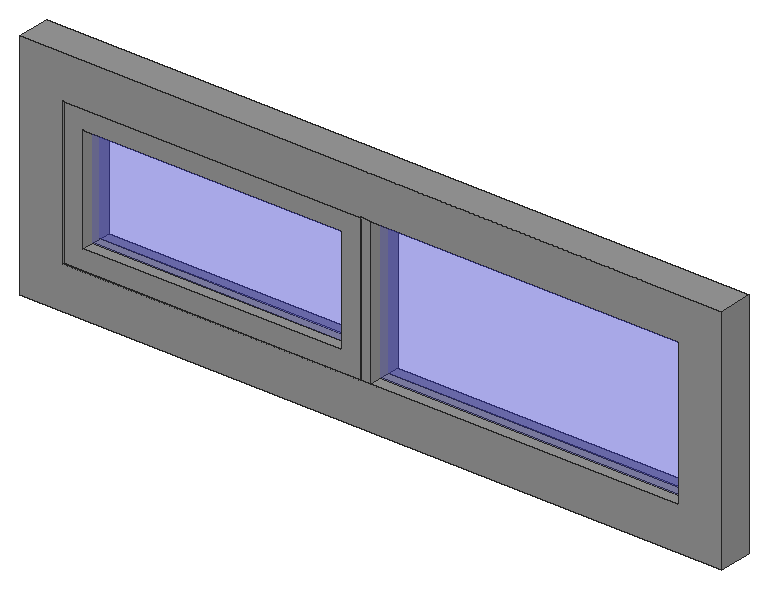
Revit family "Family59", category Windows, host Wall, Revit 2018
Family settings
  Host = Wall
  OmniClass Number = 23.30.20.00
  OmniClass Title = Windows
  Always vertical = Yes
  Cut with Voids When Loaded = No
  Shared = No
  Room Calculation Point = No
Parameters
  Window Frame = 84 mm
  Visual Light Transmittance = 0.81
  URL = "www.skywardwindows.co.za"
  Thermal Resistance (R) = 0.3196 (m²·K)/W
  Telephone = "021 276 1800"
  Solar Heat Gain Coefficient = 0.76
  Manufacturer = "Skyward Windows"
  Height = 590 mm
  Heat Transfer Coefficient (U) = 3.1292 W/(m²·K)
  Glass Thickness = 4 mm
  Glass = Glass
  Frame = White
  Email Address = "info@skywardwindows.co.za"
  Default Sill Height = 800 mm
  Wall Closure = By host
  Width = 1790 mm
  Company Address = "Charles Matthews Street Atlantis 7349"
  Analytic Construction = "Double glazing - domestic"
Reference planes
  plane 1 "Center (Front/Back)": y = 0
  plane 2 "Center (Left/Right)": x = 0
  plane 3 "Left": x = -895
  plane 4 "Right": x = 895
  plane 5 "Sill": z = 800
  plane 6 "Head": z = 1390
  plane 7 "Exterior": y = 100
  plane 8 "Interior": y = -100
Forms (mm)
  Extrusion 1, solid, material "White" <- "Frame"
    sketch origin (0, -100, 0) x (1, 0, 0) y (0, 0, 1)
      loop
        line (-895, 1390) -> (-895, 800) -> (895, 800) -> (895, 1390) -> (-895, 1390)
      loop
        line (-786, 909) -> (786, 909) -> (786, 1281) -> (-786, 1281) -> (-786, 909)
    from -142 to -58
  Extrusion 2, solid, material "White" <- "Frame"
    sketch origin (0, -100, 0) x (1, 0, 0) y (0, 0, 1)
      loop
        line (-786, 1281) -> (-786, 909) -> (-27.495, 909) -> (-27.495, 1281) -> (-786, 1281)
      loop
        line (-736, 1231) -> (-736, 959) -> (-77.495, 959) -> (-77.495, 1231) -> (-736, 1231)
    from -140 to -60
  Extrusion 3, solid, material "White" <- "Frame"
    sketch origin (0, -100, 0) x (1, 0, 0) y (0, 0, 1)
      loop
        line (-27.495, 1281) -> (-27.495, 909) -> (0, 909) -> (0, 1281) -> (-27.495, 1281)
    from -142 to -58
  Extrusion 4, solid, material "Glass" <- "Glass"
    sketch origin (0, 0, 0) x (1, 0, 0) y (0, 1, 0)
      loop
        line (-736, 14) -> (-736, 10) -> (-77.495, 10) -> (-77.495, 14) -> (-736, 14)
      loop
        line (-736, -10) -> (-736, -14) -> (-77.495, -14) -> (-77.495, -10) -> (-736, -10)
    from 959 to 1231
  Extrusion 5, solid, material "Glass" <- "Glass"
    sketch origin (0, 0, 0) x (1, 0, 0) y (0, 1, 0)
      loop
        line (0, 14) -> (0, 10) -> (786, 10) -> (786, 14) -> (0, 14)
      loop
        line (786, -10) -> (0, -10) -> (0, -14) -> (786, -14) -> (786, -10)
    from 909 to 1281
Lines and regions (mm)
  Opening 1
    outline origin (3500, -100, 0) x (1, 0, 0) y (0, 0, 1)
      loop
        line (-2605, 800) -> (-2605, 1390) -> (-4395, 1390) -> (-4395, 800) -> (-2605, 800)
Text (mm)
  text "EXTERIOR" at (-1963.203, 1332.353, 0), in view "Ref. Level"
  text "INTERIOR" at (-1981.466, -818.386, 0), in view "Ref. Level"
  text "Exterior" at (0, 923.751, 2943.296), in view "Right"
  text "Exterior" at (0, 1040.484, 2685.409), in view "Left"
Dimensions and locks
  equal spacing: plane 3 "Left", plane 2 "Center (Left/Right)", plane 4 "Right"
  "Width": plane 3 "Left" to plane 4 "Right"
  "Height": plane 5 "Sill" to plane 6 "Head"
  "Default Sill Height": plane 5 "Sill" to level
  locked: plane 7 "Exterior" to host wall at 0
  locked: plane 8 "Interior" to host wall
  "Window Frame": Extrusion 1 to Extrusion 1
  "Glass Thickness": Extrusion 4 to Extrusion 4
  "Glass Thickness": Extrusion 5 to Extrusion 5
  aligned and locked: Extrusion 1 sketch curve to host wall  (x4)
  aligned and locked: Extrusion 4 to Extrusion 2
Automatic sketch dimensions
  Opening 1 sketch curve to plane 3 "Left" = 0 mm
  Opening 1 sketch curve to plane 4 "Right" = 0 mm
  Opening 1 sketch curve to plane 5 "Sill" = 0 mm
  Opening 1 sketch curve to plane 6 "Head" = 0 mm
  Extrusion 1 sketch curve to plane 3 "Left" = 109 mm
  plane 4 "Right" to Extrusion 1 sketch curve = 109 mm
  Extrusion 1 sketch curve to plane 5 "Sill" = 109 mm
  plane 6 "Head" to Extrusion 1 sketch curve = 109 mm
  Extrusion 2 sketch curve to plane 3 "Left" = 109 mm
  Extrusion 2 sketch curve to Extrusion 2 sketch curve = 50 mm  (x3)
  plane 2 "Center (Left/Right)" to Extrusion 2 sketch curve = 77.495 mm
  plane 2 "Center (Left/Right)" to Extrusion 2 sketch curve = 27.495 mm
  Extrusion 2 sketch curve to plane 5 "Sill" = 109 mm
  plane 6 "Head" to Extrusion 2 sketch curve = 159 mm
  plane 2 "Center (Left/Right)" to Extrusion 3 sketch curve = 0 mm
  plane 2 "Center (Left/Right)" to Extrusion 3 sketch curve = 27.495 mm
  Extrusion 3 sketch curve to plane 5 "Sill" = 109 mm
  plane 6 "Head" to Extrusion 3 sketch curve = 109 mm
  Extrusion 4 sketch curve to host wall = 14 mm
  Extrusion 4 sketch curve to plane 3 "Left" = 159 mm
  Extrusion 4 sketch curve to Extrusion 4 sketch curve = 0 mm  (x2)
  host wall to Extrusion 4 sketch curve = 10 mm
  plane 2 "Center (Left/Right)" to Extrusion 4 sketch curve = 77.495 mm
  Extrusion 4 sketch curve to Extrusion 4 sketch curve = 4 mm  (x2)
  plane 2 "Center (Left/Right)" to Extrusion 5 sketch curve = 0 mm  (x2)
  Extrusion 5 sketch curve to host wall = 14 mm
  plane 4 "Right" to Extrusion 5 sketch curve = 109 mm
  Extrusion 5 sketch curve to Extrusion 5 sketch curve = 0 mm
  Extrusion 5 sketch curve to Extrusion 5 sketch curve = 4 mm  (x2)
  host wall to Extrusion 5 sketch curve = 10 mm
